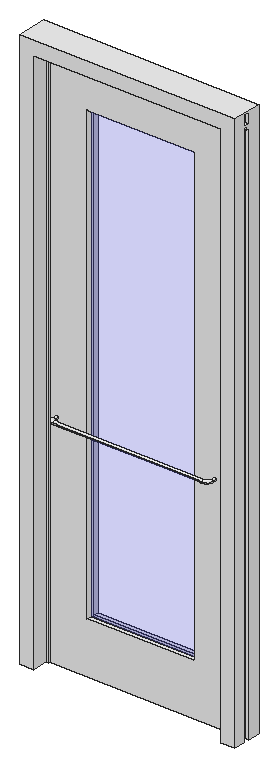
Revit family "kawneer-500_tuffline-sgl_no-tran-fr_20603", category Doors, host Wall, Revit 2015
Parameters
  Water - Static (ASTM E 331) = "product not tested"
  URL = "http://www.kawneer.com/kawneer/north_america/en/product.asp?prod_id=1818"
  Type of Glazing = "monolithic, insulating"
  Type Comments = "Wide Stile Heavy Duty Swing Door"
  Thermal Transmittance = "n/a"
  Sub Category3 = ""
  Sub Category2 = ""
  Sub Category1 = ""
  Sightline = 0"
  Short Description = "Wide Stile Heavy Duty Swing Door"
  Product data url = "https://bimobject.com/kawneerna/product/20595"
  Panel Inserts Material = Glass
  Overall U-Factor = "product not tested"
  Model = "500 Tuffline® Entrance"
  Manufacturer Part Number = "500 Tuffline® Entrance"
  Manufacturer = "Kawneer"
  Keywords = "Entrance, Door, Swing Door, Heavy Wall, Heavy Duty"
  Hurricane Resistant Tested [instance] = "product not tested"
  Hinging Types = "Offset Pivot, Butt Hinge, Continuous Gear Hinge"
  Height = 84"
  Wall Closure = By host
  Width = 32"
  Glazing Thickness = 0"
  Glass U-Factor = "product not tested"
  Glass Installtion = "outside, inside"
  Glass Capture = "Captured"
  Function (Interior or Exterior) = "Exterior"
  Function = Interior
  Door Panel Width = Width - (2" * 2)  # 28"
  Door Panel Material = Aluminum - ASTM B 221 - 6063-T6 alloy and temper
  Door Panel Height = Height - 2"  # 82"
  Door Opening = Door Panel Width  # 28"
  Door Handle Material = Aluminum - ASTM B 221 - 6063-T6 alloy and temper
  Door Corner Construction = "Welded"
  Design Pressure = "n/a"
  Design Load = "n/a"
  Description = "The \"500 Tuffline\" wide stile heavy duty door offers durability in high abuse applications and is designed for  schools, universities, sports stadiums, and other high abuse areas."
  Depth = 2"
  Color = "any"
  Cladding Type = "n/a"
  CSI Masterformat Code = "08 41 13"
  Assembly Code = "B2030110"
  Application = "high traffic, high abuse"
  Air Infiltration (ASTM E 283) = "< 0.50 cfm/ft2  @ 6.24 psf (300 Pa), Single Doors"
  2-Color Option = "no"
Reference planes
  plane 1 "Centre Wall": y = 0
  plane 2 "Center (Left/Right)": x = 0
  plane 3 "Left": x = -406.4
  plane 4 "Right": x = 406.4
  plane 5: z = 2133.6
  plane 6 "Exterior": y = 75
  plane 7 "Interior": y = -75
  plane 8: x = -355.6
  plane 9: x = 355.6
Forms (mm)
  Sweep 1, solid, material "Aluminum - ASTM B 221 - 6063-T6 alloy and temper" <- "Door Panel Material"
    path origin (0, 0, 0) x (1, 0, 0) y (0, 0, 1)
      loop
        line (406.4, 2133.6) -> (406.4, 0)
    profile "TLFrame : TLFrame" origin (406.4, 0, 1066.8) x (1, 0, 0) y (0, -1, 0)
      loop
        line (-60.8, -6.375) -> (-50.8, -6.375) -> (-50.8, -57.175) -> (0, -57.175) -> (0, -12.125) -> (-17.25, -12.125) -> (-17.25, 12.125) -> (0, 12.125) -> (0, 57.125) -> (-50.8, 57.125) -> (-50.8, -1.375) -> (-60.8, -1.375) -> (-60.8, -6.375)
      loop
        line (-5, -17.125) -> (-22.25, -17.125) -> (-22.25, 17.125) -> (-5, 17.125) -> (-5, 52.125) -> (-45.8, 52.125) -> (-45.8, -52.175) -> (-5, -52.175) -> (-5, -17.125)
  Sweep 2, solid, material "Aluminum - ASTM B 221 - 6063-T6 alloy and temper" <- "Door Panel Material"
    path origin (0, 0, 0) x (1, 0, 0) y (0, 0, 1)
      loop
        line (-406.4, 2133.6) -> (-406.4, 0)
    profile "TLFrame : TLFrame" origin (-406.4, 0, 1066.8) x (1, 0, 0) y (0, -1, 0)
      loop
        line (60.8, -6.375) -> (60.8, -1.375) -> (50.8, -1.375) -> (50.8, 57.125) -> (0, 57.125) -> (0, 12.125) -> (17.25, 12.125) -> (17.25, -12.125) -> (0, -12.125) -> (0, -57.175) -> (50.8, -57.175) -> (50.8, -6.375) -> (60.8, -6.375)
      loop
        line (5, -17.125) -> (5, -52.175) -> (45.8, -52.175) -> (45.8, 52.125) -> (5, 52.125) -> (5, 17.125) -> (22.25, 17.125) -> (22.25, -17.125) -> (5, -17.125)
  Sweep 3, solid, material "Aluminum - ASTM B 221 - 6063-T6 alloy and temper" <- "Door Panel Material"
    path origin (0, 0, 0) x (1, 0, 0) y (0, 0, 1)
      loop
        line (406.4, 2133.6) -> (-406.4, 2133.6)
    profile "TLTopFrame : TLTopFrame" origin (0, 0, 2133.6) x (0, 0, -1) y (0, -1, 0)
      loop
        line (60.8, -6.35) -> (60.8, -1.35) -> (50.8, -1.35) -> (50.8, 57.15) -> (0, 57.15) -> (0, -57.15) -> (50.8, -57.15) -> (50.8, -6.35) -> (60.8, -6.35)
      loop
        line (5, -52.15) -> (45.8, -52.15) -> (45.8, 52.15) -> (5, 52.15) -> (5, -52.15)
Cuts and joins
  joined: Sweep 1, Sweep 2, Sweep 3
Lines and regions (mm)
  Opening 1
    outline origin (-3050, -75, 0) x (1, 0, 0) y (0, 0, 1)
      loop
        line (2643.6, 0) -> (3456.4, 0) -> (3456.4, 2133.6) -> (2643.6, 2133.6) -> (2643.6, 0)
  symbolic lines
    curve 1: line (-355.6, 768.375, 0) -> (-304.8, 768.375, 0)
    curve 2: line (-355.6, 57.175, 0) -> (-355.6, 768.375, 0)
    curve 3: line (-304.8, 57.175, 0) -> (-355.6, 57.175, 0)
    curve 4: line (-304.8, 768.375, 0) -> (-304.8, 57.175, 0)
    curve 5: arc (355.6, 57.175, 0) -> (164.945, 541.776, 0) -> (-304.8, 766.558, 0) r 711.2
Text (mm)
  text "Exterior" at (-2295.016, 1099.543, 0), in view "Ref. Level"
  text "Exterior" at (0, 1615.38, 3698.081), in view "Left"
  text "Exterior" at (0, 1036.032, 3874.932), in view "Right"
Dimensions and locks
  equal spacing: plane 3 "Left", plane 2 "Center (Left/Right)", plane 4 "Right"
  "Width": plane 3 "Left" to plane 4 "Right"
  "Height": plane 5 to host wall
  host wall to plane 5 = 84"  (x2)
  locked: plane 6 "Exterior" to host wall at 0
  locked: plane 7 "Interior" to host wall
  locked: plane 3 "Left" to plane 8 at 50.8
  locked: plane 9 to plane 4 "Right" at 50.8
  "Depth": curve 2 to curve 4
  "Door Panel Width": cut or joined group of Sweep 1, Sweep 2, Sweep 3 to curve 1
  aligned and locked: plane 3 "Left" to Opening 1 sketch curve
  aligned and locked: plane 5 to Opening 1 sketch curve  (x2)
  aligned and locked: Opening 1 sketch curve to plane 4 "Right"
  aligned and locked: Opening 1 sketch curve to level
  aligned and locked: plane 1 "Centre Wall" to host wall
  aligned and locked: plane 5 to Sweep 1 sketch curve
  aligned and locked: level to Sweep 1 sketch curve
  aligned and locked: plane 5 to Sweep 2 sketch curve
  aligned and locked: level to Sweep 2 sketch curve
  aligned and locked: plane 4 "Right" to Sweep 3 sketch curve
  aligned and locked: plane 3 "Left" to Sweep 3 sketch curve
  aligned and locked: nested 1 to plane 2 "Center (Left/Right)"
  aligned and locked: nested 1 to cut or joined group of Sweep 1, Sweep 2, Sweep 3
  aligned and locked: plane 8 to curve 2
  aligned and locked: cut or joined group of Sweep 1, Sweep 2, Sweep 3 to curve 3
  aligned and locked: curve 5 to nested 1
Automatic sketch dimensions
  Sweep 1 sketch curve to plane 4 "Right" = 0"
  Sweep 2 sketch curve to plane 3 "Left" = 0"
  Sweep 3 sketch curve to plane 5 = 0"
  curve 5 to plane 8 = 0"
  curve 5 to plane 9 = 0"
  curve 5 to curve 1 = 0"
Nested families
  nested 1: "Kawneer-500_Tuffline-Sgl.rf" at (-310.356, -18.225, 0) x (-1, 0, 0) z (0, 0, 1), type "Kawneer-500_Tuffline-Sgl.rf"
    with Width 28", Height 82", Door Handle Width 23 1/2"
Definition of nested family "Kawneer-500_Tuffline-Sgl.rf"
  Parameters
    Width = 32"
    Water - static (ASTM E 331) = ""
    Type of Glazing = ""
    Thermal transmittance = ""
    Sub Category3 = ""
    Sub Category2 = ""
    Sub Category1 = ""
    Short Description = ""
    Performance standards = ""
    Panel Inserts Material = none
    Overall U-Factor = ""
    Mfr Part Num = ""
    Manufacturer = "Kawneer"
    Keywords = ""
    Hurricane Resistant Tested = ""
    Hinging Types = ""
    Height = 84"
    Glass capture = ""
    Glass U-Factor = ""
    Glass Installtion = ""
    Function (Interior or Exterior) = ""
    Door Panel Material = none
    Door Hangle Material = none
    Door Hangle Height = 33 25/256"
    Door Handle Width = Width - (2 1/4" * 2)  # 27 1/2"
    Door Corner Construction = ""
    Design load = ""
    Design Pressure = ""
    Depth = 2"
    Color = ""
    Cladding Type = ""
    CSI Mastformat Code = ""
    Assembly Code = "B2030110"
    Application = ""
    Air Infiltration (ASTM E 283) = ""
    2-Color Option = ""
  Reference planes
    plane 1 "Center (Front/Back)": y = -50
    plane 2: z = 0
    plane 3 "Center (Left/Right)": x = -310.356
    plane 4: x = -716.756
    plane 5: x = 96.044
    plane 6: y = -24.6
    plane 7: y = -75.4
    plane 8: z = 2133.6
    plane 9: z = 840.68
    plane 10: x = -564.356
    plane 11: x = -56.356
    plane 12: x = -640.556
  Forms (mm)
    Sweep 1, solid, material <- "Door Panel Material"
      path origin (0, -50, 0) x (1, 0, 0) y (0, 0, 1)
        loop
          line (-716.756, 2133.6) -> (-716.756, 0)
      profile "TL500 Side : TL500 Side" origin (-716.756, -50, 1066.8) x (1, 0, 0) y (0, -1, 0)
        loop
          line (122, -20.4) -> (122, 20.439) -> (4.961, 20.439) -> (4.961, -20.4) -> (122, -20.4)
        loop
          line (152.4, 25.4) -> (0, 25.4) -> (0, -25.4) -> (152.4, -25.4) -> (152.4, -5.418) -> (147.439, -5.418) -> (147.439, -20.4) -> (127, -20.4) -> (127, 20.4) -> (147.439, 20.4) -> (147.439, 5.418) -> (152.4, 5.418) -> (152.4, 25.4)
    Sweep 2, solid, material <- "Door Panel Material"
      path origin (0, -50, 0) x (1, 0, 0) y (0, 0, 1)
        loop
          line (96.044, 2133.6) -> (96.044, 0)
      profile "TL500 Side : TL500 Side" origin (96.044, -50, 1066.8) x (1, 0, 0) y (0, -1, 0)
        loop
          line (-122, 20.4) -> (-122, -20.439) -> (-4.961, -20.439) -> (-4.961, 20.4) -> (-122, 20.4)
        loop
          line (-152.4, -25.4) -> (0, -25.4) -> (0, 25.4) -> (-152.4, 25.4) -> (-152.4, 5.418) -> (-147.439, 5.418) -> (-147.439, 20.4) -> (-127, 20.4) -> (-127, -20.4) -> (-147.439, -20.4) -> (-147.439, -5.418) -> (-152.4, -5.418) -> (-152.4, -25.4)
    Sweep 3, solid, material <- "Door Panel Material"
      path origin (0, -50, 0) x (1, 0, 0) y (0, 0, 1)
        loop
          line (-564.356, 2133.6) -> (-56.356, 2133.6)
      profile "TL500 Top : TL500 Top" origin (-310.356, -50, 2133.6) x (0, 0, 1) y (0, -1, 0)
        loop
          line (-122, 20.4) -> (-122, -20.439) -> (-15, -20.439) -> (-15, 20.4) -> (-122, 20.4)
        loop
          line (-127, -20.4) -> (-154.939, -20.4) -> (-154.939, -5.418) -> (-159.9, -5.418) -> (-159.9, -25.4) -> (0, -25.4) -> (0, -20.4) -> (-10, -20.4) -> (-10, 20.4) -> (0, 20.4) -> (0, 25.4) -> (-159.9, 25.4) -> (-159.9, 5.418) -> (-154.939, 5.418) -> (-154.939, 20.4) -> (-127, 20.4) -> (-127, -20.4)
    Sweep 4, solid, material <- "Door Panel Material"
      path origin (0, -50, 0) x (1, 0, 0) y (0, 0, 1)
        loop
          line (-564.356, 0) -> (-56.356, 0)
      profile "TL500 Bottom : TL500 Bottom" origin (-310.356, -50, 0) x (0, 0, 1) y (0, -1, 0)
        loop
          line (158.95, -20.4) -> (158.95, 20.439) -> (15, 20.439) -> (15, -20.4) -> (158.95, -20.4)
        loop
          line (163.95, 20.4) -> (191.889, 20.4) -> (191.889, 5.418) -> (196.85, 5.418) -> (196.85, 25.4) -> (0, 25.4) -> (0, 20.4) -> (10, 20.4) -> (10, -20.4) -> (0, -20.4) -> (0, -25.4) -> (196.85, -25.4) -> (196.85, -5.418) -> (191.889, -5.418) -> (191.889, -20.4) -> (163.95, -20.4) -> (163.95, 20.4)
    Extrusion 5, solid, material <- "Panel Inserts Material"
      sketch origin (0, 0, 0) x (1, 0, 0) y (0, 1, 0)
        loop
          line (-569.317, -44.582) -> (-569.317, -55.418) -> (-51.395, -55.418) -> (-51.395, -44.582) -> (-569.317, -44.582)
      from 191.889 to 1978.661
  Cuts and joins
    joined: Sweep 1, Sweep 2, Sweep 3, Sweep 4
  Dimensions and locks
    equal spacing: plane 4, plane 3 "Center (Left/Right)", plane 5
    equal spacing: plane 6, plane 1 "Center (Front/Back)", plane 7
    "Depth": plane 6 to plane 7
    "Width": plane 4 to plane 5
    "Height": plane 8 to level
    "Door Hangle Height": plane 9 to level
    locked: plane 4 to plane 10 at 152.4
    locked: plane 11 to plane 5 at 152.4
    locked: plane 4 to plane 12 at 76.2
    aligned and locked: plane 8 to Sweep 1 sketch curve
    aligned and locked: level to Sweep 1 sketch curve
    aligned and locked: plane 8 to Sweep 2 sketch curve
    aligned and locked: level to Sweep 2 sketch curve
    aligned and locked: plane 10 to Sweep 3 sketch curve
    aligned and locked: plane 11 to Sweep 3 sketch curve
    aligned and locked: plane 10 to Sweep 4 sketch curve
    aligned and locked: plane 11 to Sweep 4 sketch curve
    aligned and locked: plane 7 to nested 1
    aligned and locked: plane 12 to nested 1
    aligned and locked: plane 9 to nested 1
    aligned and locked: nested 2 to plane 6
    aligned and locked: nested 2 to plane 12
    aligned and locked: nested 2 to plane 9
    aligned and locked: Extrusion 5 sketch curve to cut or joined group of Sweep 1, Sweep 2, Sweep 3, Sweep 4  (x2)
    aligned and locked: cut or joined group of Sweep 1, Sweep 2, Sweep 3, Sweep 4 to Extrusion 5 sketch curve  (x2)
    aligned and locked: cut or joined group of Sweep 1, Sweep 2, Sweep 3, Sweep 4 to Extrusion 5  (x2)
  Automatic sketch dimensions
    Sweep 1 sketch curve to plane 4 = 0"
    Sweep 2 sketch curve to plane 5 = 0"
    Sweep 3 sketch curve to plane 8 = 0"
    Sweep 4 sketch curve to level = 0"
  Nested families
    nested 1: "Style CO 9 Pull" at (-678.591, -75.4, 612.08), type "Style CO 9 Pull"
    nested 2: "Style CP II Push Bar" at (-241.306, -24.6, 840.68), type "Style CP II Push Bar"
      with Width 27 1/2"
  Definition of nested family "Style CO 9 Pull"
    Parameters
      Width = 1.1811"
      Height = 9"
      Hangle Material = none
      Depth = 1.1811"
    Reference planes
      plane 1 "Center (Front/Back)": y = 0
      plane 2: z = 0
      plane 3 "Center (Left/Right)": x = 53.034
      plane 4: y = -30
      plane 5: x = 38.034
      plane 6: x = 68.034
      plane 7: x = 46.034
      plane 8 "Top": z = 228.6
      plane 9: x = 60.034
      plane 10: z = 220.6
      plane 11: z = 8
    Forms (mm)
      Sweep 1, solid, material <- "Hangle Material"
        path origin (0, 0, 0) x (1, 0, 0) y (0, 1, 0)
          loop
            line (38.034, 0) -> (38.034, -23)
            arc (38.034, -23) -> (40.085, -27.95) -> (45.034, -30) r 7
            line (45.034, -30) -> (60.034, -30)
        profile origin (38.034, -11.5, 0) x (1, 0, 0) y (0, 0, 1)
          loop
            circle (0, 0) r 5
      Sweep 2, solid, material <- "Hangle Material"
        path origin (0, 0, 228.6) x (-1, 0, 0) y (0, -1, 0)
          loop
            line (-38.034, 0) -> (-38.034, 23)
            arc (-38.034, 23) -> (-40.085, 27.95) -> (-45.034, 30) r 7
            line (-45.034, 30) -> (-60.034, 30)
        profile origin (38.034, -11.5, 228.6) x (1, 0, 0) y (0, 0, 1)
          loop
            circle (0, 0) r 5
      Sweep 3, solid, material <- "Hangle Material"
        path origin (-1540.712, -30, 1200) x (-1, 0, 0) y (0, 0, 1)
          loop
            arc (-1600.747, -1200) -> (-1606.404, -1197.657) -> (-1608.747, -1192) r 8
            line (-1608.747, -1192) -> (-1608.747, -979.4)
            arc (-1608.747, -979.4) -> (-1606.404, -973.743) -> (-1600.747, -971.4) r 8
        profile origin (68.034, -30, 114.3) x (1, 0, 0) y (0, 1, 0)
          loop
            circle (0, 0) r 5
    Cuts and joins
      joined: Sweep 1, Sweep 2, Sweep 3
    Dimensions and locks
      "Depth": plane 4 to plane 1 "Center (Front/Back)"
      equal spacing: plane 5, plane 3 "Center (Left/Right)", plane 6
      locked: plane 5 to plane 7 at 8
      "Width": plane 5 to plane 6
      "Height": plane 8 "Top" to level
      locked: plane 9 to plane 6 at 8
      locked: level to plane 11 at 8
      locked: plane 10 to plane 8 "Top" at 8
      aligned and locked: Sweep 1 sketch curve to plane 5
      aligned and locked: Sweep 1 sketch curve to plane 4
      aligned and locked: plane 1 "Center (Front/Back)" to Sweep 1 sketch curve
      aligned and locked: plane 9 to Sweep 1 sketch curve
      aligned and locked: Sweep 2 sketch curve to plane 5
      aligned and locked: Sweep 2 sketch curve to plane 4
      aligned and locked: plane 1 "Center (Front/Back)" to Sweep 2 sketch curve
      aligned and locked: plane 9 to Sweep 2 sketch curve
      aligned and locked: plane 6 to Sweep 3 sketch curve  (x2)
      aligned and locked: plane 10 to Sweep 3 sketch curve
      aligned and locked: plane 11 to Sweep 3 sketch curve
      aligned and locked: plane 9 to Sweep 3 sketch curve  (x2)
      aligned and locked: plane 8 "Top" to Sweep 3 sketch curve
      aligned and locked: level to Sweep 3 sketch curve
      aligned and locked: plane 4 to Sweep 3 sketch curve
    Automatic sketch dimensions
      Sweep 1 sketch curve to plane 7 = 0.03937"
      Sweep 1 sketch curve to level = 0"
      Sweep 1 sketch curve to profile plane = 0"
      Sweep 2 sketch curve to plane 7 = 0.03937"
      Sweep 2 sketch curve to plane 8 "Top" = 0"
      Sweep 2 sketch curve to profile plane = 0"
      radius of Sweep 1 sketch curve = 0.19685"
      radius of Sweep 2 sketch curve = 0.19685"
      radius of Sweep 3 sketch curve = 0.19685"
  Definition of nested family "Style CP II Push Bar"
    Parameters
      Width = 28"
      Hangle Material = none
      Depth = 1.1811"
    Reference planes
      plane 1 "Center (Front/Back)": y = 0
      plane 2: z = 0
      plane 3 "Center (Left/Right)": x = -50
      plane 4: x = -405.6
      plane 5: x = 305.6
      plane 6: y = -30
      plane 7: z = 0
    Forms (mm)
      Sweep 1, solid, material <- "Hangle Material"
        path origin (0, 0, 0) x (1, 0, 0) y (0, 1, 0)
          loop
            line (-405.6, 0) -> (-405.6, -15)
            arc (-405.6, -15) -> (-401.207, -25.607) -> (-390.6, -30) r 15
            line (-390.6, -30) -> (290.6, -30)
            arc (290.6, -30) -> (301.207, -25.607) -> (305.6, -15) r 15
            line (305.6, -15) -> (305.6, 0)
        profile origin (-50, -30, 0) x (0, 1, 0) y (0, 0, 1)
          loop
            circle (0, 0) r 5
    Dimensions and locks
      "Depth": plane 6 to plane 1 "Center (Front/Back)"
      equal spacing: plane 4, plane 3 "Center (Left/Right)", plane 5
      "Width": plane 4 to plane 5
      aligned and locked: Sweep 1 sketch curve to plane 5
      aligned and locked: plane 1 "Center (Front/Back)" to Sweep 1 sketch curve  (x2)
      aligned and locked: Sweep 1 sketch curve to plane 4
      aligned and locked: level to plane 7
    Automatic sketch dimensions
      Sweep 1 sketch curve to level = 0"
      Sweep 1 sketch curve to profile plane = 0"
      Sweep 1 sketch curve to plane 6 = 0"
      plane 4 to Sweep 1 sketch curve = 0.59055"
      plane 1 "Center (Front/Back)" to Sweep 1 sketch curve = 0.59055"
      radius of Sweep 1 sketch curve = 0.19685"
